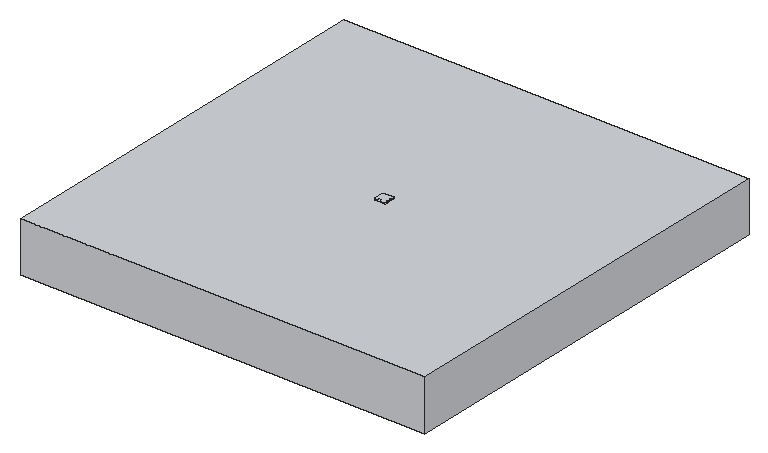
Revit family "Gira_004200", category Allgemeines Modell, Revit 2017
Family settings
  Basisbauteil = Fläche
  Kann Basisbauteil für Bewehrung sein = Nein
  Bemaßung runder Anschluss = Durchmesser verwenden
  Teiletyp = Normal
  Beim Laden mit Abzugskörper schneiden = Nein
  Gemeinsam genutzt = Nein
  Raumberechnungspunkt = Nein
Parameters
  With memory function = no
  With glass breaking detector connection = no
  With brightness sensor connection = no
  With Astro program = no
  Default Elevation = 1219.2 mm
  URL = "https://www.gira.de/"
  Typname = "Antenna sock. GEDU 15 Insert"
  Type of fastening = "Screwing"
  Transparent = no
  Through loss at 860 MHz [B] = 0.1
  Through loss at 2150 MHz [B] = 0.1
  Switch-off protection = no
  Surface protection = "Other"
  Surface finishing = "Not applicable"
  Suitable for wind sensor = no
  Suitable for rain sensor = no
  Suitable for degree of protection (IP) = "IP20"
  Substation input = yes
  Shielded housing = no
  Shielded buses = yes
  Separate strain relief = yes
  Random generator = no
  Productwebsite = "http://katalog.gira.de/en/datenblatt.html?artikelnr=004200"
  Nominal voltage [Volt] = 230
  Mounting method shielding connection = "Screw"
  Mounting method = "Flush mounted (plaster)"
  Model = "Loop-through socket"
  Mechanical coding = no
  Max. switching power [Voltampere] = 1000
  Material quality = "Other"
  Material = "Other"
  Integrated timer = no
  Hersteller = "Gira"
  Halogen free = no
  HAN = "004200"
  GTIN = "4010337042006"
  Frequency [Hz] = "[4000000:2400000000]"
  Degree of protection (IP) = "IP20"
  Data sheet = "https://katalog.gira.de/en/download.html?artikelnr=004200"
  Connection type = "Screw"
  Colour = "Other"
  Category = "Other"
  Beschreibung = "Aerial sock.GEDU 15 Ins.,Antenna socket insert (GEDU 15),,,Features:,- Can be used as a routing box.,- For use in communal antenna systems with several boxes (tree structure).,- The entire signal spectrum from 4 to 2400 MHz is available on both connections.,,Notes :,- For screw mounting only.,- Important! Observe construction space for plug and bending radii.,- If using with gender changers:,  Not suitable for duct installation or a standard device box.,  Connection with angled plug recommended.,- Installation recommendation:,  Kaiser electronic outlets,  flush-mounted installation: Kaiser Order No.: 1068-02,  hollow-wall installation: Kaiser Order No.: 9062-94,  concrete installation: Kaiser Order No.: 1268-40,- Suitable for terrestrial reception, area couplers, and satellite reception systems."
  BIM = "https://media.stage.bim.site/public/gira/290f3eb/Einsatz_1fach.rfa"
  Assembly arrangement = "Basic element"
Reference planes
  plane 1 "Center (Front/Back)": y = 0
  plane 2: z = 0
  plane 3 "Center (Left/Right)": x = 0
Forms (mm)
  Extrusion 1, solid
    sketch origin (0, 0, 0) x (1, 0, 0) y (0, 1, 0)
      loop
        line (-1219.2, 1219.2) -> (-1219.2, -1219.2) -> (1219.2, -1219.2) -> (1219.2, 1219.2) -> (-1219.2, 1219.2)
    from 0 to -304.8
  Extrusion 2, solid, detail levels fine
    sketch origin (0, 0, 0) x (1, 0, 0) y (0, 1, 0)
      loop
        line (27.475, 35.475) -> (-27.475, 35.475)
        arc (-27.475, 35.475) -> (-33.132, 33.132) -> (-35.475, 27.475) r 8
        line (-35.475, 27.475) -> (-35.475, -27.475)
        arc (-35.475, -27.475) -> (-33.132, -33.132) -> (-27.475, -35.475) r 8
        line (-27.475, -35.475) -> (27.475, -35.475)
        arc (27.475, -35.475) -> (33.132, -33.132) -> (35.475, -27.475) r 8
        line (35.475, -27.475) -> (35.475, 27.475)
        arc (35.475, 27.475) -> (33.132, 33.132) -> (27.475, 35.475) r 8
    from 0 to 1.8
  Extrusion 3, solid, detail levels fine
    sketch origin (0, 0, 0) x (1, 0, 0) y (0, 1, 0)
      loop
        line (9.678, 25.4) -> (-9.678, 25.4)
        arc (-9.678, 25.4) -> (-12.885, 24.922) -> (-15.814, 23.53) r 11
        arc (-15.814, 23.53) -> (-17.795, 22.07) -> (-19.641, 20.444) r 28.35
        arc (-19.641, 20.444) -> (-21.339, 18.665) -> (-22.876, 16.745) r 28.35
        arc (-22.876, 16.745) -> (-24.456, 13.666) -> (-25, 10.248) r 11
        line (-25, 10.248) -> (-25, -10.248)
        arc (-25, -10.248) -> (-24.456, -13.666) -> (-22.876, -16.745) r 11
        arc (-22.876, -16.745) -> (-20.409, -19.677) -> (-17.569, -22.25) r 28.35
        line (-17.569, -22.25) -> (17.569, -22.25)
        arc (17.569, -22.25) -> (20.409, -19.677) -> (22.876, -16.745) r 28.35
        arc (22.876, -16.745) -> (24.456, -13.666) -> (25, -10.248) r 11
        line (25, -10.248) -> (25, 10.248)
        arc (25, 10.248) -> (24.456, 13.666) -> (22.876, 16.745) r 11
        arc (22.876, 16.745) -> (21.593, 18.37) -> (20.195, 19.897) r 28.35
        arc (20.195, 19.897) -> (18.096, 21.823) -> (15.814, 23.53) r 28.35
        arc (15.814, 23.53) -> (12.885, 24.922) -> (9.678, 25.4) r 11
    from 0 to -22
  Extrusion 4, solid, detail levels medium
    sketch origin (0, 0, 0) x (1, 0, 0) y (0, 1, 0)
      loop
        line (-25, 25.4) -> (-25, -22.25) -> (25, -22.25) -> (25, 25.4) -> (-25, 25.4)
    from 0 to -22
  Extrusion 5, solid, detail levels coarse
    sketch origin (0, 0, 0) x (1, 0, 0) y (0, 1, 0)
      loop
        line (35.475, 35.475) -> (-35.475, 35.475) -> (-35.475, -35.475) -> (35.475, -35.475) -> (35.475, 35.475)
    from -22 to 1.8
  Extrusion 6, solid, detail levels medium
    sketch origin (0, 0, 0) x (1, 0, 0) y (0, 1, 0)
      loop
        line (35.475, 35.475) -> (-35.475, 35.475) -> (-35.475, -35.475) -> (35.475, -35.475) -> (35.475, 35.475)
    from 0 to 1.8
Dimensions and locks
  aligned and locked: plane 2 to Extrusion 1
  aligned and locked: level to Extrusion 1
Connectors
  electrical at (0, 0, -22)
    settings: on Extrusion 5, index 1, voltage 220 V, apparent load 0 VA, apparent load phase1 0 VA, apparent load phase2 0 VA, apparent load phase3 0 VA, power factor 1, load classification "Other", number of poles 1, system type 30, power factor state 1, is connector primary yes, connector utility no, sub classification motor no, connector description ""
